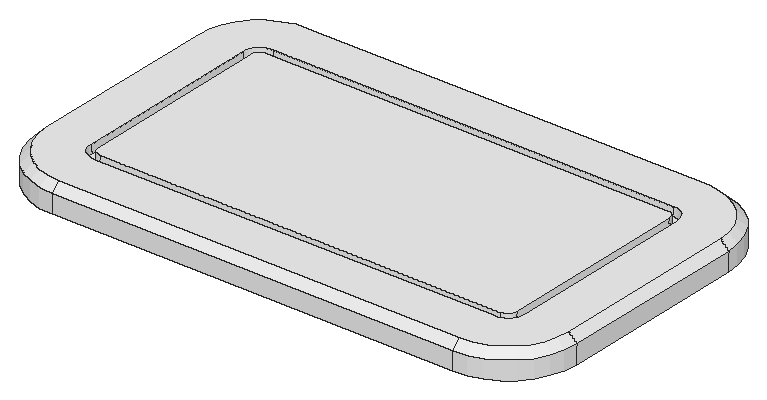
Revit family "ifö Sign Floorstanding WC 6860", category Generic Models, Revit 2015
Parameters (values of type "Ifö Sign Floorstanding WC 6860")
  ifcExportType = "TOILETPAN"
  ifcExportAs = "ifcSanitaryTerminalType"
  WithoutSeat = not(WithSeat)  # no
  WithSeat = yes
  Width = 355.00 mm
  WasteConnectionDiameter = 110.00 mm
  WarrantyStartDate = "n/a"
  WarrantyGuarantorParts = "n/a"
  WarrantyGuarantorLabor = "n/a"
  WarrantyDurationUnit = "n/a"
  WarrantyDurationParts = "n/a"
  WarrantyDurationLabor = "n/a"
  WarrantyDescription = "n/a"
  URL.se = "http://www.ifo.se/produkter/toaletter-bideer-urinoarer/"
  URL.no = "http://www.ifosanitar.no/produkter/toaletter-bideer-og-urinaler/"
  URL.dk = "http://www.ifo.dk/produkter/toiletter-bideter-og-urinaler/"
  URL = "n/a"
  Type Comments = "n/a"
  Type = "Building element"
  TagNumber = "n/a"
  SustainabilityPerformance = "n/a"
  Size = "355x860x650"
  Shape = "n/a"
  Serie = "Sign"
  SerialNumber = "n/a"
  Seatnotincluded(option) = yes
  ReplacementCost = "n/a"
  NominalWidth = 355.00 mm
  NominalHeight = 860.00 mm
  NominalDepth = 650.00 mm
  Name = "Ifö Sign floorstanding WC 6860"
  MountingHeight(offset) = 420.00 mm
  ModelReference = "Sign"
  ModelNumber = "6860"
  Model = "Ifö Sign WC 6860"
  Material = "Porcelain"
  Manufacturer = "Geberit"
  Keynote = "n/a"
  InstallationDate = "n/a"
  Height = 860.00 mm
  Grade = "n/a"
  FlushButtonMaterial = Ifö Chrome
  Finish = "Glazed"
  Features = "feature1, feature2, feature37"
  ExpectedLife = "n/a"
  DurationUnit = "n/a"
  DrainSize = 0.00 mm
  Description = "Ifö Sign floorstanding WC 6860"
  Depth = 650.00 mm
  Constituents = "n/a"
  ConnectorOut_OffsetFromWall = 300.00 mm
  ConnectorIn_OffsetFromWall = 100.00 mm
  ConnectorIn_HDistance = 125.00 mm
  Color = "White"
  ColdWaterConnectionHeight = 360.00 mm
  ColdWaterConnectionDiameter = 20.00 mm
  CodePerformance = "n/a"
  Category = "WC"
  CE labeling = "n/a"
  Brand = "Ifö"
  BarCode = "n/a"
  BIMObjectName = "ifö Sign Floorstanding WC 6860"
  AssetType = "n/a"
  AssetIdentifier = "n/a"
  AccessibilityPerformance = "n/a"
Reference planes
  plane 1 "Center (Front/Back)": y = 0
  plane 2: z = 0
  plane 3 "Center (Left/Right)": x = 0
  plane 4 "Out": z = 0
  plane 5 "In": z = 360
Forms (mm)
  Sweep 1, solid, material "Ifö Chrome" <- "FlushButtonMaterial"
    path origin (0, -208.727, 849.525) x (0, 1, 0) y (-1, 0, 0)
      loop
        arc (114.474, 30.4) -> (113.712, 32.238) -> (111.874, 33) r 2.6
        line (111.874, 33) -> (83.074, 33)
        arc (83.074, 33) -> (81.235, 32.238) -> (80.474, 30.4) r 2.6
        line (80.474, 30.4) -> (80.474, -30.4)
        arc (80.474, -30.4) -> (81.235, -32.238) -> (83.074, -33) r 2.6
        line (83.074, -33) -> (111.874, -33)
        arc (111.874, -33) -> (113.712, -32.238) -> (114.474, -30.4) r 2.6
        line (114.474, -30.4) -> (114.474, 30.4)
    profile origin (0, -94.253, 849.525) x (0, 1, 0) y (0, 0, 1)
      loop
        line (-2.195, 4) -> (-2.195, 0) -> (7.9, 0) -> (7.9, 2.749) -> (6.649, 4) -> (0, 4) -> (-0.1, 2.749) -> (-1.1, 2.749) -> (-1.2, 4) -> (-2.195, 4)
  Extrusion 2, solid, material "Ifö Chrome" <- "FlushButtonMaterial"
    sketch origin (0, -208.819, 849.525) x (0, 1, 0) y (-1, 0, 0)
      loop
        line (112.371, 30.805) -> (82.761, 30.805) -> (82.761, -30.805) -> (112.371, -30.805) -> (112.371, 30.805)
    from 0 to 4
Cuts and joins
  joined: Sweep 1, Extrusion 2
Lines and regions (mm)
  Masking region 1, visible <- "WithSeat"
    outline origin (0, -10.243, 0) x (1, 0, 0) y (0, 1, 0)
      loop
        arc (178.842, -247.232) -> (176.994, -245.908) -> (175.014, -244.79) r 21.199
        arc (175.014, -244.79) -> (173.845, -210.417) -> (171.203, -176.125) r 802.371
        arc (171.203, -176.125) -> (173.094, -169.722) -> (173.966, -163.102) r 42.766
        arc (173.966, -163.102) -> (174.16, -154.607) -> (173.842, -146.116) r 141.343
        arc (173.842, -146.116) -> (173.697, -131.097) -> (172.833, -116.102) r 312.978
        arc (172.833, -116.102) -> (172.102, -105.542) -> (170.398, -95.096) r 114.426
        arc (170.398, -95.096) -> (161.839, -70.766) -> (147.299, -49.463) r 99.235
        arc (147.299, -49.463) -> (129.09, -31.302) -> (107.466, -17.381) r 121.479
        arc (107.466, -17.381) -> (97.651, -12.895) -> (87.53, -9.151) r 145.128
        arc (87.53, -9.151) -> (84.644, -6.101) -> (81.263, -3.613) r 23.508
        arc (81.263, -3.613) -> (77.594, -1.645) -> (73.716, -0.129) r 34.77
        arc (73.716, -0.129) -> (69.785, 1.085) -> (65.798, 2.104) r 83.459
        arc (65.798, 2.104) -> (61.782, 2.993) -> (57.735, 3.73) r 108.58
        arc (57.735, 3.73) -> (49.546, 5.474) -> (41.328, 7.067) r 457.148
        arc (41.328, 7.067) -> (35.543, 7.899) -> (29.747, 8.647) r 405.685
        arc (29.747, 8.647) -> (23.95, 9.392) -> (18.126, 9.892) r 139.218
        arc (18.126, 9.892) -> (15.582, 10.082) -> (13.032, 10.172) r 65.8
        arc (13.032, 10.172) -> (6.516, 10.251) -> (0, 10.277) r 808.208
        arc (0, 10.277) -> (-6.516, 10.251) -> (-13.032, 10.172) r 808.208
        arc (-13.032, 10.172) -> (-15.582, 10.082) -> (-18.126, 9.892) r 65.8
        arc (-18.126, 9.892) -> (-23.95, 9.392) -> (-29.747, 8.647) r 139.218
        arc (-29.747, 8.647) -> (-35.543, 7.899) -> (-41.328, 7.067) r 405.685
        arc (-41.328, 7.067) -> (-49.546, 5.474) -> (-57.735, 3.73) r 457.148
        arc (-57.735, 3.73) -> (-61.782, 2.993) -> (-65.798, 2.104) r 108.58
        arc (-65.798, 2.104) -> (-69.785, 1.085) -> (-73.716, -0.129) r 83.459
        arc (-73.716, -0.129) -> (-77.594, -1.645) -> (-81.263, -3.613) r 34.77
        arc (-81.263, -3.613) -> (-84.644, -6.101) -> (-87.53, -9.151) r 23.508
        arc (-87.53, -9.151) -> (-97.651, -12.895) -> (-107.466, -17.381) r 145.128
        arc (-107.466, -17.381) -> (-129.09, -31.302) -> (-147.299, -49.463) r 121.479
        arc (-147.299, -49.463) -> (-161.839, -70.766) -> (-170.398, -95.096) r 99.235
        arc (-170.398, -95.096) -> (-172.102, -105.542) -> (-172.833, -116.102) r 114.426
        arc (-172.833, -116.102) -> (-173.697, -131.097) -> (-173.842, -146.116) r 312.978
        arc (-173.842, -146.116) -> (-174.16, -154.607) -> (-173.966, -163.102) r 141.343
        arc (-173.966, -163.102) -> (-173.091, -169.737) -> (-171.192, -176.154) r 42.766
        arc (-171.192, -176.154) -> (-173.831, -210.428) -> (-175, -244.783) r 802.371
        arc (-175, -244.783) -> (-176.987, -245.904) -> (-178.842, -247.232) r 21.199
        arc (-178.842, -247.232) -> (-180.77, -249.257) -> (-182.089, -251.723) r 10.404
        arc (-182.089, -251.723) -> (-183.631, -256.428) -> (-184.404, -261.318) r 30.941
        arc (-184.404, -261.318) -> (-184.839, -267.238) -> (-184.962, -273.173) r 112.767
        arc (-184.962, -273.173) -> (-185.193, -314.691) -> (-184.986, -356.209) r 3930.939
        arc (-184.986, -356.209) -> (-184.774, -379.935) -> (-184.166, -403.655) r 1422.024
        arc (-184.166, -403.655) -> (-183.357, -427.372) -> (-181.763, -451.048) r 715.256
        arc (-181.763, -451.048) -> (-176.654, -485.646) -> (-166.149, -519.004) r 220.877
        arc (-166.149, -519.004) -> (-154.602, -544.198) -> (-140.327, -567.953) r 248.927
        arc (-140.327, -567.953) -> (-123.548, -590.053) -> (-104.368, -610.104) r 243.855
        arc (-104.368, -610.104) -> (-66.67, -636.727) -> (-22.832, -651.156) r 156.026
        arc (-22.832, -651.156) -> (0, -653.097) -> (22.832, -651.156) r 135.311
        arc (22.832, -651.156) -> (66.67, -636.727) -> (104.368, -610.104) r 156.026
        arc (104.368, -610.104) -> (123.548, -590.053) -> (140.327, -567.953) r 243.855
        arc (140.327, -567.953) -> (154.602, -544.198) -> (166.149, -519.004) r 248.927
        arc (166.149, -519.004) -> (176.654, -485.646) -> (181.763, -451.048) r 220.877
        arc (181.763, -451.048) -> (183.357, -427.372) -> (184.166, -403.655) r 715.256
        arc (184.166, -403.655) -> (184.774, -379.935) -> (184.986, -356.209) r 1422.024
        arc (184.986, -356.209) -> (185.193, -314.691) -> (184.962, -273.173) r 3930.939
        arc (184.962, -273.173) -> (184.839, -267.238) -> (184.404, -261.318) r 112.767
        arc (184.404, -261.318) -> (183.631, -256.428) -> (182.089, -251.723) r 30.941
        arc (182.089, -251.723) -> (180.77, -249.257) -> (178.842, -247.232) r 10.404
  Masking region 2, visible <- "WithSeat"
    outline origin (0, 0, 0) x (0, 1, 0) y (0, 0, 1)
      loop
        arc (-23.518, 440.837) -> (-17.125, 440.646) -> (-10.755, 440.074) r 107.167
        arc (-10.755, 440.074) -> (-8.15, 439.45) -> (-5.759, 438.245) r 11.591
        arc (-5.759, 438.245) -> (-4.666, 437.162) -> (-4.075, 435.741) r 3.907
        arc (-4.075, 435.741) -> (-3.832, 433.388) -> (-4.025, 431.03) r 12.827
        arc (-4.025, 431.03) -> (-4.79, 427.127) -> (-5.707, 423.257) r 101.52
        arc (-5.707, 423.257) -> (-6.908, 418.186) -> (-7.905, 413.07) r 130.848
        arc (-7.905, 413.07) -> (-9.704, 404.23) -> (-11.994, 395.505) r 161.051
        arc (-11.994, 395.505) -> (-17.539, 377.367) -> (-23.518, 359.368) r 790.114
        arc (-23.518, 359.368) -> (-24.714, 355.963) -> (-25.707, 352.493) r 61.179
        arc (-25.707, 352.493) -> (-27.706, 340.006) -> (-29.439, 327.48) r 593.459
        arc (-29.439, 327.48) -> (-29.447, 326.279) -> (-29.463, 325.077) r 194.636
        line (-29.463, 325.077) -> (-28.992, 314.684)
        arc (-28.992, 314.684) -> (-27.448, 303.656) -> (-25.636, 292.668) r 457.72
        arc (-25.636, 292.668) -> (-20.526, 256.275) -> (-16.009, 219.804) r 2262.835
        arc (-16.009, 219.804) -> (-12.037, 183.297) -> (-8.56, 146.739) r 2715.435
        arc (-8.56, 146.739) -> (-6.039, 116) -> (-3.903, 85.233) r 2465.903
        arc (-3.903, 85.233) -> (-2.054, 63.972) -> (-0.787, 42.67) r 781.446
        arc (-0.787, 42.67) -> (-0.275, 32.013) -> (0.034, 21.349) r 561.115
        arc (0.034, 21.349) -> (0.07, 10.674) -> (0.034, 0) r 1583.555
        line (0.034, 0) -> (-510.929, 0)
        arc (-510.929, 0) -> (-509.114, 37.384) -> (-502.543, 74.23) r 292.635
        arc (-502.543, 74.23) -> (-496.68, 97.784) -> (-491.107, 121.408) r 1969.689
        arc (-491.107, 121.408) -> (-490.689, 128.239) -> (-490.297, 135.072) r 1760.876
        line (-490.297, 135.072) -> (-491.188, 143.163)
        arc (-491.188, 143.163) -> (-491.977, 145.448) -> (-492.924, 147.673) r 34.652
        arc (-492.924, 147.673) -> (-495.493, 151.737) -> (-498.165, 155.734) r 188.677
        arc (-498.165, 155.734) -> (-528.781, 191.322) -> (-559.023, 227.228) r 4482.469
        arc (-559.023, 227.228) -> (-570.414, 241.357) -> (-581.341, 255.847) r 560.391
        arc (-581.341, 255.847) -> (-590.562, 268.53) -> (-599.532, 281.391) r 800.333
        arc (-599.532, 281.391) -> (-608.055, 294.554) -> (-616.187, 307.963) r 532.266
        arc (-616.187, 307.963) -> (-623.883, 321.63) -> (-631.094, 335.559) r 445.937
        arc (-631.094, 335.559) -> (-638.87, 352.146) -> (-645.921, 369.055) r 422.626
        arc (-645.921, 369.055) -> (-649.04, 377.704) -> (-651.918, 386.438) r 329.794
        arc (-651.918, 386.438) -> (-655.434, 398.729) -> (-658.627, 411.109) r 487.927
        arc (-658.627, 411.109) -> (-658.888, 412.446) -> (-659.057, 413.798) r 19.942
        arc (-659.057, 413.798) -> (-659.122, 415.053) -> (-658.956, 416.299) r 6.828
        arc (-658.956, 416.299) -> (-658.44, 417.379) -> (-657.403, 417.977) r 2.018
        arc (-657.403, 417.977) -> (-656.503, 418.134) -> (-655.593, 418.201) r 9.266
        arc (-655.593, 418.201) -> (-635.63, 418.527) -> (-615.664, 418.528) r 1229.689
        line (-615.664, 418.528) -> (-616.603, 419.068)
        arc (-616.603, 419.068) -> (-637.613, 418.813) -> (-658.624, 418.889) r 1330.297
        arc (-658.624, 418.889) -> (-658.933, 420.439) -> (-658.811, 422.015) r 5.792
        arc (-658.811, 422.015) -> (-657.829, 423.714) -> (-656.227, 424.848) r 4.6
        arc (-656.227, 424.848) -> (-653.386, 425.752) -> (-650.426, 426.114) r 16.013
        arc (-650.426, 426.114) -> (-621.995, 426.608) -> (-593.559, 426.478) r 1295.149
        arc (-593.559, 426.478) -> (-515.304, 425.916) -> (-437.05, 426.663) r 4675.426
        arc (-437.05, 426.663) -> (-405.222, 428.096) -> (-373.4, 429.671) r 7142.016
        arc (-373.4, 429.671) -> (-341.649, 432.741) -> (-309.914, 435.974) r 6200.115
        arc (-309.914, 435.974) -> (-308.379, 436.326) -> (-306.866, 436.766) r 27.549
        arc (-306.866, 436.766) -> (-385.368, 435.787) -> (-463.868, 434.676) r 46923.892
        arc (-463.868, 434.676) -> (-563.154, 433.808) -> (-662.428, 432.028) r 10814.451
        arc (-662.428, 432.028) -> (-662.971, 432.904) -> (-663.287, 433.884) r 4.239
        arc (-663.287, 433.884) -> (-663.037, 436.061) -> (-661.586, 437.703) r 3.653
        arc (-661.586, 437.703) -> (-657.119, 439.798) -> (-652.317, 440.926) r 23.775
        arc (-652.317, 440.926) -> (-640.628, 442.482) -> (-628.883, 443.536) r 275.712
        arc (-628.883, 443.536) -> (-538.444, 451.721) -> (-447.963, 459.433) r 17404.825
        arc (-447.963, 459.433) -> (-408.561, 462.45) -> (-369.126, 464.994) r 3293.496
        arc (-369.126, 464.994) -> (-329.7, 467.666) -> (-290.269, 470.264) r 21344.062
        arc (-290.269, 470.264) -> (-271.242, 471.408) -> (-252.181, 471.567) r 368.558
        arc (-252.181, 471.567) -> (-248.658, 471.153) -> (-245.287, 470.051) r 17.864
        arc (-245.287, 470.051) -> (-243.241, 467.999) -> (-243.124, 465.104) r 3.988
        arc (-243.124, 465.104) -> (-246.057, 457.028) -> (-249.263, 449.057) r 252.839
        arc (-249.263, 449.057) -> (-248.366, 448.985) -> (-247.477, 448.85) r 12.7
        arc (-247.477, 448.85) -> (-245.557, 448.855) -> (-243.65, 448.635) r 16.392
        arc (-243.65, 448.635) -> (-241.767, 448.216) -> (-240.031, 447.375) r 8.334
        arc (-240.031, 447.375) -> (-239.405, 446.907) -> (-238.902, 446.309) r 3.423
        arc (-238.902, 446.309) -> (-238.633, 445.867) -> (-238.399, 445.406) r 6.771
        arc (-238.399, 445.406) -> (-238.07, 444.399) -> (-237.983, 443.343) r 4.546
        line (-237.983, 443.343) -> (-238.059, 441.15)
        arc (-238.059, 441.15) -> (-237.19, 437.653) -> (-237.338, 434.052) r 12.7
        arc (-237.338, 434.052) -> (-235.552, 430.963) -> (-233.706, 427.909) r 183.631
        arc (-233.706, 427.909) -> (-231.491, 424.728) -> (-228.94, 421.81) r 35.335
        arc (-228.94, 421.81) -> (-228.072, 421.054) -> (-227.177, 420.331) r 31.758
        arc (-227.177, 420.331) -> (-224.396, 421.014) -> (-221.722, 422.036) r 22.975
        arc (-221.722, 422.036) -> (-217.269, 424.06) -> (-213.025, 426.49) r 52.413
        arc (-213.025, 426.49) -> (-212.648, 426.762) -> (-212.277, 427.044) r 18.932
        arc (-212.277, 427.044) -> (-205.862, 431.652) -> (-199.105, 435.743) r 100.684
        arc (-199.105, 435.743) -> (-194.615, 438.386) -> (-189.669, 440.021) r 24.542
        arc (-189.669, 440.021) -> (-184.521, 440.633) -> (-179.34, 440.837) r 65.8
      loop
        line (-255.038, 419.502) -> (-258.024, 426.341)
        arc (-258.024, 426.341) -> (-261.731, 431.188) -> (-262.711, 437.211) r 12.541
        arc (-262.711, 437.211) -> (-264.379, 437.065) -> (-266.052, 436.977) r 48.458
        arc (-266.052, 436.977) -> (-267.495, 436.394) -> (-268.874, 435.67) r 15.601
        arc (-268.874, 435.67) -> (-270.186, 434.716) -> (-271.287, 433.525) r 8.248
        arc (-271.287, 433.525) -> (-272.049, 432.271) -> (-272.648, 430.932) r 11.681
        arc (-272.648, 430.932) -> (-275.067, 427.664) -> (-278.641, 425.722) r 9.403
        arc (-278.641, 425.722) -> (-281.943, 424.871) -> (-285.285, 424.201) r 62.59
        arc (-285.285, 424.201) -> (-291.831, 423.603) -> (-298.399, 423.341) r 128.666
        line (-298.399, 423.341) -> (-300.276, 419.811)
        arc (-300.276, 419.811) -> (-277.658, 419.593) -> (-255.038, 419.502) r 4048.824
      loop
        line (-179.34, 440.896) -> (-193.972, 440.896)
        arc (-193.972, 440.896) -> (-195.311, 440.903) -> (-196.65, 440.924) r 126.663
        arc (-196.65, 440.924) -> (-197.74, 440.979) -> (-198.825, 441.096) r 18.879
        arc (-198.825, 441.096) -> (-199.565, 441.224) -> (-200.301, 441.377) r 21.951
        arc (-200.301, 441.377) -> (-201.492, 441.775) -> (-202.579, 442.402) r 6.273
        arc (-202.579, 442.402) -> (-203.348, 443.188) -> (-203.803, 444.19) r 3.182
        arc (-203.803, 444.19) -> (-204.006, 445.34) -> (-204.026, 446.508) r 7.452
        arc (-204.026, 446.508) -> (-203.847, 490.211) -> (-203.075, 533.907) r 3217.91
        arc (-203.075, 533.907) -> (-201.816, 577.594) -> (-199.511, 621.239) r 1822.565
        arc (-199.511, 621.239) -> (-197.75, 647.124) -> (-195.22, 672.946) r 872.08
        arc (-195.22, 672.946) -> (-192.045, 699.026) -> (-188.426, 725.049) r 1535.424
        arc (-188.426, 725.049) -> (-186.321, 742.14) -> (-183.877, 759.186) r 869.339
        arc (-183.877, 759.186) -> (-181.211, 778.475) -> (-177.934, 797.67) r 614.786
        arc (-177.934, 797.67) -> (-176.561, 804.614) -> (-175.027, 811.525) r 305.156
        arc (-175.027, 811.525) -> (-173.526, 817.406) -> (-171.799, 823.225) r 156.515
        arc (-171.799, 823.225) -> (-170.876, 826.075) -> (-169.924, 828.916) r 293.394
        arc (-169.924, 828.916) -> (-169.258, 830.815) -> (-168.556, 832.702) r 110.054
        arc (-168.556, 832.702) -> (-167.782, 834.624) -> (-166.939, 836.516) r 57.323
        arc (-166.939, 836.516) -> (-166.569, 837.277) -> (-166.175, 838.026) r 27.457
        arc (-166.175, 838.026) -> (-165.868, 838.569) -> (-165.543, 839.101) r 18.782
        arc (-165.543, 839.101) -> (-164.901, 840.029) -> (-164.189, 840.904) r 14.392
        arc (-164.189, 840.904) -> (-162.542, 842.439) -> (-160.654, 843.666) r 12.998
        arc (-160.654, 843.666) -> (-158.635, 844.661) -> (-156.512, 845.409) r 18.857
        arc (-156.512, 845.409) -> (-153.431, 846.329) -> (-150.295, 847.035) r 46.78
        arc (-150.295, 847.035) -> (-146.399, 847.877) -> (-142.48, 848.604) r 136.625
        arc (-142.48, 848.604) -> (-139.322, 849.103) -> (-136.153, 849.525) r 131.033
        line (-136.153, 849.525) -> (-136.153, 852.275) -> (-134.902, 853.525) -> (-87.403, 853.525) -> (-86.153, 852.275) -> (-86.153, 850.663)
        arc (-86.153, 850.663) -> (-65.165, 850.607) -> (-44.179, 850.372) r 2472.287
        arc (-44.179, 850.372) -> (-40.335, 850.357) -> (-36.492, 850.241) r 147.338
        arc (-36.492, 850.241) -> (-32.278, 849.664) -> (-28.243, 848.316) r 22.871
        arc (-28.243, 848.316) -> (-26.783, 847.512) -> (-25.671, 846.271) r 4.963
        arc (-25.671, 846.271) -> (-24.491, 843.909) -> (-23.796, 841.362) r 13.425
        arc (-23.796, 841.362) -> (-22.795, 835.995) -> (-21.973, 830.598) r 163.433
        arc (-21.973, 830.598) -> (-19.967, 814.064) -> (-18.413, 797.483) r 609.402
        arc (-18.413, 797.483) -> (-15.256, 753.692) -> (-12.781, 709.857) r 2820.417
        arc (-12.781, 709.857) -> (-10.989, 665.989) -> (-9.879, 622.098) r 2820.417
        arc (-9.879, 622.098) -> (-8.525, 534.307) -> (-9.113, 446.508) r 3968.356
        arc (-9.113, 446.508) -> (-9.081, 445.678) -> (-9.142, 444.85) r 7.325
        arc (-9.142, 444.85) -> (-9.375, 443.967) -> (-9.822, 443.17) r 3.621
        arc (-9.822, 443.17) -> (-10.587, 442.384) -> (-11.535, 441.832) r 4.07
        arc (-11.535, 441.832) -> (-12.679, 441.435) -> (-13.862, 441.176) r 10.246
        arc (-13.862, 441.176) -> (-15.84, 440.951) -> (-17.831, 440.897) r 23.121
        line (-17.831, 440.897) -> (-23.518, 440.897)
      loop
        arc (-147.435, 306.811) -> (-133.529, 334.54) -> (-124.27, 364.147) r 191.971
        arc (-124.27, 364.147) -> (-128.191, 364.906) -> (-132.048, 365.939) r 57.007
        arc (-132.048, 365.939) -> (-134.818, 367.289) -> (-137.035, 369.43) r 9.843
        arc (-137.035, 369.43) -> (-141.076, 372.646) -> (-146.17, 373.498) r 10.309
        line (-146.17, 373.498) -> (-262.268, 373.498)
        arc (-262.268, 373.498) -> (-270.26, 351.854) -> (-278.124, 330.162) r 3881.557
        arc (-278.124, 330.162) -> (-303.16, 254.151) -> (-324.113, 176.914) r 1502.241
        arc (-324.113, 176.914) -> (-327.105, 151.914) -> (-324.113, 126.914) r 105.925
        arc (-324.113, 126.914) -> (-315.714, 112.839) -> (-300.837, 105.957) r 27.755
        arc (-300.837, 105.957) -> (-289.789, 106.961) -> (-281.65, 114.5) r 17.206
        arc (-281.65, 114.5) -> (-263.449, 131.752) -> (-248.193, 151.657) r 158.723
        arc (-248.193, 151.657) -> (-193.384, 226.357) -> (-147.435, 306.811) r 812.513
  Masking region 3, visible <- "WithSeat"
    outline origin (-284, -215, 1) x (0, 0, -1) y (1, 0, 0)
      loop
        arc (-415.596, 459.089) -> (-417.097, 457.994) -> (-418.011, 456.376) r 4.391
        line (-418.011, 456.376) -> (-419.645, 455.999)
        arc (-419.645, 455.999) -> (-419.731, 457.185) -> (-419.82, 458.372) r 457.021
        arc (-419.82, 458.372) -> (-420.083, 461.06) -> (-420.463, 463.733) r 62.504
        arc (-420.463, 463.733) -> (-421.025, 465.443) -> (-422.083, 466.9) r 5.824
        arc (-422.083, 466.9) -> (-423.674, 466.512) -> (-425.204, 465.928) r 13.077
        arc (-425.204, 465.928) -> (-427.567, 464.429) -> (-429.433, 462.342) r 10.17
        arc (-429.433, 462.342) -> (-430.308, 460.971) -> (-431.119, 459.561) r 34.967
        arc (-431.119, 459.561) -> (-432.392, 456.737) -> (-433.232, 453.756) r 20.764
        arc (-433.232, 453.756) -> (-433.332, 457.682) -> (-433.434, 461.608) r 6759.767
        arc (-433.434, 461.608) -> (-433.601, 464.509) -> (-433.949, 467.394) r 46.638
        arc (-433.949, 467.394) -> (-434.44, 468.469) -> (-435.425, 469.123) r 2.154
        arc (-435.425, 469.123) -> (-437.631, 469.296) -> (-439.772, 468.736) r 6.65
        arc (-439.772, 468.736) -> (-443.523, 466.195) -> (-446.195, 462.535) r 13.207
        arc (-446.195, 462.535) -> (-447.124, 460.548) -> (-447.97, 458.524) r 52.969
        arc (-447.97, 458.524) -> (-510.361, 456.597) -> (-572.697, 453.341) r 2932.09
        arc (-572.697, 453.341) -> (-633.323, 449.596) -> (-693.749, 443.399) r 1500.342
        arc (-693.749, 443.399) -> (-725.511, 440.49) -> (-757.134, 436.334) r 811.006
        arc (-757.134, 436.334) -> (-772.993, 434.473) -> (-788.743, 431.844) r 329.084
        arc (-788.743, 431.844) -> (-798.335, 430.044) -> (-807.823, 427.758) r 191.846
        arc (-807.823, 427.758) -> (-817.219, 425.107) -> (-826.389, 421.756) r 129.777
        arc (-826.389, 421.756) -> (-831.327, 418.57) -> (-834.542, 413.652) r 14.132
        arc (-834.542, 413.652) -> (-836.094, 410.048) -> (-837.435, 406.361) r 67.806
        arc (-837.435, 406.361) -> (-840.331, 397.596) -> (-842.668, 388.665) r 146.097
        arc (-842.668, 388.665) -> (-844.576, 379.637) -> (-846.192, 370.552) r 286.28
        arc (-846.192, 370.552) -> (-848.399, 352.238) -> (-849.136, 333.806) r 230.792
        arc (-849.136, 333.806) -> (-849.294, 329.403) -> (-849.438, 325) r 1325.489
        line (-849.438, 325) -> (-851.275, 325) -> (-852.525, 323.749) -> (-852.525, 244.251) -> (-851.275, 243) -> (-849.438, 243)
        arc (-849.438, 243) -> (-849.294, 238.597) -> (-849.136, 234.194) r 1325.489
        arc (-849.136, 234.194) -> (-848.399, 215.762) -> (-846.192, 197.448) r 230.792
        arc (-846.192, 197.448) -> (-844.576, 188.363) -> (-842.668, 179.335) r 286.28
        arc (-842.668, 179.335) -> (-840.331, 170.404) -> (-837.435, 161.639) r 146.097
        arc (-837.435, 161.639) -> (-836.094, 157.952) -> (-834.542, 154.348) r 67.806
        arc (-834.542, 154.348) -> (-831.327, 149.43) -> (-826.389, 146.244) r 14.132
        arc (-826.389, 146.244) -> (-817.219, 142.893) -> (-807.823, 140.242) r 129.777
        arc (-807.823, 140.242) -> (-798.335, 137.956) -> (-788.743, 136.156) r 191.846
        arc (-788.743, 136.156) -> (-772.993, 133.527) -> (-757.134, 131.666) r 329.084
        arc (-757.134, 131.666) -> (-725.511, 127.51) -> (-693.749, 124.601) r 811.006
        arc (-693.749, 124.601) -> (-633.323, 118.404) -> (-572.697, 114.659) r 1500.342
        arc (-572.697, 114.659) -> (-510.361, 111.403) -> (-447.97, 109.476) r 2932.09
        arc (-447.97, 109.476) -> (-447.124, 107.452) -> (-446.195, 105.465) r 52.969
        arc (-446.195, 105.465) -> (-443.523, 101.805) -> (-439.772, 99.264) r 13.207
        arc (-439.772, 99.264) -> (-437.631, 98.704) -> (-435.425, 98.877) r 6.65
        arc (-435.425, 98.877) -> (-434.44, 99.531) -> (-433.949, 100.606) r 2.154
        arc (-433.949, 100.606) -> (-433.601, 103.491) -> (-433.434, 106.392) r 46.638
        arc (-433.434, 106.392) -> (-433.332, 110.318) -> (-433.232, 114.244) r 6759.767
        arc (-433.232, 114.244) -> (-432.392, 111.263) -> (-431.119, 108.439) r 20.764
        arc (-431.119, 108.439) -> (-430.308, 107.029) -> (-429.433, 105.658) r 34.967
        arc (-429.433, 105.658) -> (-427.567, 103.571) -> (-425.204, 102.072) r 10.17
        arc (-425.204, 102.072) -> (-423.674, 101.488) -> (-422.083, 101.1) r 13.077
        arc (-422.083, 101.1) -> (-421.025, 102.557) -> (-420.463, 104.267) r 5.824
        arc (-420.463, 104.267) -> (-420.083, 106.94) -> (-419.82, 109.628) r 62.504
        arc (-419.82, 109.628) -> (-419.731, 110.815) -> (-419.645, 112.001) r 457.021
        line (-419.645, 112.001) -> (-418.011, 111.624)
        arc (-418.011, 111.624) -> (-417.097, 110.006) -> (-415.596, 108.911) r 4.391
        arc (-415.596, 108.911) -> (-413.968, 108.225) -> (-412.212, 108.024) r 6.23
        arc (-412.212, 108.024) -> (-409.564, 107.956) -> (-406.921, 108.122) r 30.09
        arc (-406.921, 108.122) -> (-404.387, 108.334) -> (-401.866, 108.658) r 57.801
        arc (-401.866, 108.658) -> (-396.766, 109.337) -> (-391.704, 110.256) r 108.842
        arc (-391.704, 110.256) -> (-381.647, 112.501) -> (-371.76, 115.401) r 157.052
        line (-371.76, 115.401) -> (-371.598, 118.495)
        arc (-371.598, 118.495) -> (-358.863, 121.35) -> (-346.252, 124.712) r 325.943
        arc (-346.252, 124.712) -> (-333.786, 128.574) -> (-321.483, 132.93) r 327.788
        arc (-321.483, 132.93) -> (-309.258, 137.628) -> (-297.184, 142.702) r 423.954
        arc (-297.184, 142.702) -> (-285.254, 148.102) -> (-273.454, 153.783) r 554.065
        arc (-273.454, 153.783) -> (-250.258, 165.705) -> (-227.412, 178.284) r 914.629
        arc (-227.412, 178.284) -> (-204.851, 191.08) -> (-182.519, 204.273) r 1468.365
        arc (-182.519, 204.273) -> (-148.666, 195.797) -> (-114.719, 187.71) r 3046.718
        arc (-114.719, 187.71) -> (-97.75, 183.649) -> (-80.736, 179.786) r 1499.724
        arc (-80.736, 179.786) -> (-63.736, 175.824) -> (-46.586, 172.576) r 417.869
        arc (-46.586, 172.576) -> (-34.724, 170.875) -> (-22.837, 169.357) r 778.089
        arc (-22.837, 169.357) -> (-16.893, 168.548) -> (-10.946, 167.764) r 1497.355
        arc (-10.946, 167.764) -> (-7.962, 167.499) -> (-4.983, 167.188) r 195.958
        arc (-4.983, 167.188) -> (-1.995, 166.945) -> (1, 166.836) r 66.996
        line (1, 166.836) -> (1, 401.164)
        arc (1, 401.164) -> (-1.995, 401.055) -> (-4.983, 400.812) r 66.996
        arc (-4.983, 400.812) -> (-7.962, 400.501) -> (-10.946, 400.236) r 195.958
        arc (-10.946, 400.236) -> (-16.893, 399.452) -> (-22.837, 398.643) r 1497.355
        arc (-22.837, 398.643) -> (-34.724, 397.125) -> (-46.586, 395.424) r 778.089
        arc (-46.586, 395.424) -> (-63.736, 392.176) -> (-80.736, 388.214) r 417.869
        arc (-80.736, 388.214) -> (-97.75, 384.351) -> (-114.719, 380.29) r 1499.724
        arc (-114.719, 380.29) -> (-148.666, 372.203) -> (-182.519, 363.727) r 3046.718
        arc (-182.519, 363.727) -> (-204.851, 376.92) -> (-227.412, 389.716) r 1468.365
        arc (-227.412, 389.716) -> (-250.258, 402.295) -> (-273.454, 414.217) r 914.629
        arc (-273.454, 414.217) -> (-285.254, 419.898) -> (-297.184, 425.298) r 554.065
        arc (-297.184, 425.298) -> (-309.258, 430.372) -> (-321.483, 435.07) r 423.954
        arc (-321.483, 435.07) -> (-333.786, 439.426) -> (-346.252, 443.288) r 327.788
        arc (-346.252, 443.288) -> (-358.863, 446.65) -> (-371.598, 449.505) r 325.943
        line (-371.598, 449.505) -> (-371.76, 452.599)
        arc (-371.76, 452.599) -> (-381.647, 455.499) -> (-391.704, 457.744) r 157.052
        arc (-391.704, 457.744) -> (-396.766, 458.663) -> (-401.866, 459.342) r 108.842
        arc (-401.866, 459.342) -> (-404.387, 459.666) -> (-406.921, 459.878) r 57.801
        arc (-406.921, 459.878) -> (-409.564, 460.044) -> (-412.212, 459.976) r 30.09
        arc (-412.212, 459.976) -> (-413.968, 459.775) -> (-415.596, 459.089) r 6.23
  Masking region 4, visible <- "WithoutSeat"
    outline origin (0, -10.243, 0) x (1, 0, 0) y (0, 1, 0)
      loop
        arc (22.832, -646.921) -> (28.52, -645.838) -> (34.164, -644.546) r 156.026
        arc (34.164, -644.546) -> (48.656, -640.059) -> (62.549, -633.967) r 134.386
        arc (62.549, -633.967) -> (76.354, -625.894) -> (89.102, -616.237) r 134.386
        arc (89.102, -616.237) -> (106.499, -598.924) -> (121.108, -579.201) r 163.437
        arc (121.108, -579.201) -> (132.817, -558.072) -> (142.076, -535.76) r 214.539
        arc (142.076, -535.76) -> (148.159, -517.087) -> (153.409, -498.162) r 443.698
        arc (153.409, -498.162) -> (159.316, -473.366) -> (164.495, -448.407) r 871.018
        arc (164.495, -448.407) -> (166.984, -434.637) -> (169.164, -420.815) r 626.003
        arc (169.164, -420.815) -> (170.563, -410.307) -> (171.69, -399.766) r 410.323
        arc (171.69, -399.766) -> (172.859, -385.928) -> (173.77, -372.07) r 745.691
        arc (173.77, -372.07) -> (174.933, -348.802) -> (175.797, -325.52) r 1816.525
        arc (175.797, -325.52) -> (176.187, -301.96) -> (175.911, -278.398) r 832.955
        arc (175.911, -278.398) -> (175.699, -264.925) -> (175.286, -251.457) r 902.108
        arc (175.286, -251.457) -> (175.072, -245.096) -> (174.915, -238.733) r 707.657
        arc (174.915, -238.733) -> (173.671, -207.393) -> (171.203, -176.125) r 802.371
        arc (171.203, -176.125) -> (173.094, -169.722) -> (173.966, -163.102) r 42.766
        arc (173.966, -163.102) -> (174.16, -154.607) -> (173.842, -146.116) r 141.343
        arc (173.842, -146.116) -> (173.697, -131.097) -> (172.833, -116.102) r 312.978
        arc (172.833, -116.102) -> (172.102, -105.542) -> (170.398, -95.096) r 114.426
        arc (170.398, -95.096) -> (161.839, -70.766) -> (147.299, -49.463) r 99.235
        arc (147.299, -49.463) -> (129.09, -31.302) -> (107.466, -17.381) r 121.479
        arc (107.466, -17.381) -> (97.651, -12.895) -> (87.53, -9.151) r 145.128
        arc (87.53, -9.151) -> (84.644, -6.101) -> (81.263, -3.613) r 23.508
        arc (81.263, -3.613) -> (77.594, -1.645) -> (73.716, -0.129) r 34.77
        arc (73.716, -0.129) -> (69.785, 1.085) -> (65.798, 2.104) r 83.459
        arc (65.798, 2.104) -> (61.782, 2.993) -> (57.735, 3.73) r 108.58
        arc (57.735, 3.73) -> (49.546, 5.474) -> (41.328, 7.067) r 457.148
        arc (41.328, 7.067) -> (35.543, 7.899) -> (29.747, 8.647) r 405.685
        arc (29.747, 8.647) -> (23.95, 9.392) -> (18.126, 9.892) r 139.218
        arc (18.126, 9.892) -> (15.582, 10.082) -> (13.032, 10.172) r 65.8
        arc (13.032, 10.172) -> (0, 10.277) -> (-13.032, 10.172) r 808.208
        arc (-13.032, 10.172) -> (-15.582, 10.082) -> (-18.126, 9.892) r 65.8
        arc (-18.126, 9.892) -> (-23.95, 9.392) -> (-29.747, 8.647) r 139.218
        arc (-29.747, 8.647) -> (-35.543, 7.899) -> (-41.328, 7.067) r 405.685
        arc (-41.328, 7.067) -> (-49.546, 5.474) -> (-57.735, 3.73) r 457.148
        arc (-57.735, 3.73) -> (-61.782, 2.993) -> (-65.798, 2.104) r 108.58
        arc (-65.798, 2.104) -> (-69.785, 1.085) -> (-73.716, -0.129) r 83.459
        arc (-73.716, -0.129) -> (-77.594, -1.645) -> (-81.263, -3.613) r 34.77
        arc (-81.263, -3.613) -> (-84.644, -6.101) -> (-87.53, -9.151) r 23.508
        arc (-87.53, -9.151) -> (-97.651, -12.895) -> (-107.466, -17.381) r 145.128
        arc (-107.466, -17.381) -> (-129.09, -31.302) -> (-147.299, -49.463) r 121.479
        arc (-147.299, -49.463) -> (-161.839, -70.766) -> (-170.398, -95.096) r 99.235
        arc (-170.398, -95.096) -> (-172.102, -105.542) -> (-172.833, -116.102) r 114.426
        arc (-172.833, -116.102) -> (-173.697, -131.097) -> (-173.842, -146.116) r 312.978
        arc (-173.842, -146.116) -> (-174.16, -154.607) -> (-173.966, -163.102) r 141.343
        arc (-173.966, -163.102) -> (-173.094, -169.722) -> (-171.203, -176.125) r 42.766
        arc (-171.203, -176.125) -> (-173.671, -207.393) -> (-174.915, -238.733) r 802.371
        arc (-174.915, -238.733) -> (-175.072, -245.096) -> (-175.286, -251.457) r 707.657
        arc (-175.286, -251.457) -> (-175.699, -264.925) -> (-175.911, -278.398) r 902.108
        arc (-175.911, -278.398) -> (-176.187, -301.96) -> (-175.797, -325.52) r 832.955
        arc (-175.797, -325.52) -> (-174.933, -348.802) -> (-173.77, -372.07) r 1816.525
        arc (-173.77, -372.07) -> (-172.859, -385.928) -> (-171.69, -399.766) r 745.691
        arc (-171.69, -399.766) -> (-170.563, -410.307) -> (-169.164, -420.815) r 410.323
        arc (-169.164, -420.815) -> (-166.984, -434.637) -> (-164.495, -448.407) r 626.003
        arc (-164.495, -448.407) -> (-159.316, -473.366) -> (-153.409, -498.162) r 871.018
        arc (-153.409, -498.162) -> (-148.159, -517.087) -> (-142.076, -535.76) r 443.698
        arc (-142.076, -535.76) -> (-132.817, -558.072) -> (-121.108, -579.201) r 214.539
        arc (-121.108, -579.201) -> (-106.499, -598.924) -> (-89.102, -616.237) r 163.437
        arc (-89.102, -616.237) -> (-76.354, -625.894) -> (-62.549, -633.967) r 134.386
        arc (-62.549, -633.967) -> (-48.656, -640.059) -> (-34.164, -644.546) r 134.386
        arc (-34.164, -644.546) -> (-28.52, -645.838) -> (-22.832, -646.921) r 156.026
        arc (-22.832, -646.921) -> (0, -648.861) -> (22.832, -646.921) r 135.311
  Masking region 5, visible <- "WithoutSeat"
    outline origin (0, 0, 0) x (0, 1, 0) y (0, 0, 1)
      loop
        arc (-23.518, 440.837) -> (-17.125, 440.646) -> (-10.755, 440.074) r 107.167
        arc (-10.755, 440.074) -> (-8.15, 439.45) -> (-5.759, 438.245) r 11.591
        arc (-5.759, 438.245) -> (-4.666, 437.162) -> (-4.075, 435.741) r 3.907
        arc (-4.075, 435.741) -> (-3.832, 433.388) -> (-4.025, 431.03) r 12.827
        arc (-4.025, 431.03) -> (-4.79, 427.127) -> (-5.707, 423.257) r 101.52
        arc (-5.707, 423.257) -> (-6.908, 418.186) -> (-7.905, 413.07) r 130.848
        arc (-7.905, 413.07) -> (-9.704, 404.23) -> (-11.994, 395.505) r 161.051
        arc (-11.994, 395.505) -> (-17.539, 377.367) -> (-23.518, 359.368) r 790.114
        arc (-23.518, 359.368) -> (-24.714, 355.963) -> (-25.707, 352.493) r 61.179
        arc (-25.707, 352.493) -> (-27.706, 340.006) -> (-29.439, 327.48) r 593.459
        arc (-29.439, 327.48) -> (-29.447, 326.279) -> (-29.463, 325.077) r 194.636
        line (-29.463, 325.077) -> (-28.992, 314.684)
        arc (-28.992, 314.684) -> (-27.448, 303.656) -> (-25.636, 292.668) r 457.72
        arc (-25.636, 292.668) -> (-20.526, 256.275) -> (-16.009, 219.804) r 2262.835
        arc (-16.009, 219.804) -> (-12.037, 183.297) -> (-8.56, 146.739) r 2715.435
        arc (-8.56, 146.739) -> (-6.039, 116) -> (-3.903, 85.233) r 2465.903
        arc (-3.903, 85.233) -> (-2.054, 63.972) -> (-0.787, 42.67) r 781.446
        arc (-0.787, 42.67) -> (-0.275, 32.013) -> (0.034, 21.349) r 561.115
        arc (0.034, 21.349) -> (0.07, 10.674) -> (0.034, 0) r 1583.555
        line (0.034, 0) -> (-510.929, 0)
        arc (-510.929, 0) -> (-509.114, 37.384) -> (-502.543, 74.23) r 292.635
        arc (-502.543, 74.23) -> (-496.68, 97.784) -> (-491.107, 121.408) r 1969.689
        arc (-491.107, 121.408) -> (-490.689, 128.239) -> (-490.297, 135.072) r 1760.876
        line (-490.297, 135.072) -> (-491.188, 143.163)
        arc (-491.188, 143.163) -> (-491.977, 145.448) -> (-492.924, 147.673) r 34.652
        arc (-492.924, 147.673) -> (-495.493, 151.737) -> (-498.165, 155.734) r 188.677
        arc (-498.165, 155.734) -> (-528.781, 191.322) -> (-559.023, 227.228) r 4482.469
        arc (-559.023, 227.228) -> (-570.414, 241.357) -> (-581.341, 255.847) r 560.391
        arc (-581.341, 255.847) -> (-590.562, 268.53) -> (-599.532, 281.391) r 800.333
        arc (-599.532, 281.391) -> (-608.055, 294.554) -> (-616.187, 307.963) r 532.266
        arc (-616.187, 307.963) -> (-623.883, 321.63) -> (-631.094, 335.559) r 445.937
        arc (-631.094, 335.559) -> (-638.87, 352.146) -> (-645.921, 369.055) r 422.626
        arc (-645.921, 369.055) -> (-649.04, 377.704) -> (-651.918, 386.438) r 329.794
        arc (-651.918, 386.438) -> (-655.434, 398.729) -> (-658.627, 411.109) r 487.927
        arc (-658.627, 411.109) -> (-658.888, 412.446) -> (-659.057, 413.798) r 19.942
        arc (-659.057, 413.798) -> (-659.122, 415.053) -> (-658.956, 416.299) r 6.828
        arc (-658.956, 416.299) -> (-658.44, 417.379) -> (-657.403, 417.977) r 2.018
        arc (-657.403, 417.977) -> (-656.503, 418.134) -> (-655.593, 418.201) r 9.266
        arc (-655.593, 418.201) -> (-635.63, 418.527) -> (-615.664, 418.528) r 1229.689
        arc (-615.664, 418.528) -> (-607.051, 418.541) -> (-598.439, 418.719) r 450.637
        arc (-598.439, 418.719) -> (-587.03, 418.971) -> (-575.618, 419.036) r 698.552
        arc (-575.618, 419.036) -> (-538.517, 419.012) -> (-501.416, 419.126) r 10042.861
        arc (-501.416, 419.126) -> (-459.445, 419.374) -> (-417.475, 419.705) r 21160.307
        arc (-417.475, 419.705) -> (-397.153, 419.811) -> (-376.83, 419.768) r 2771.938
        arc (-376.83, 419.768) -> (-366.544, 419.764) -> (-356.258, 419.871) r 950.949
        arc (-356.258, 419.871) -> (-328.267, 420) -> (-300.276, 419.811) r 2470.632
        arc (-300.276, 419.811) -> (-277.658, 419.593) -> (-255.038, 419.502) r 4048.824
        arc (-255.038, 419.502) -> (-248.436, 419.506) -> (-241.834, 419.532) r 1893.258
        arc (-241.834, 419.532) -> (-236.941, 419.613) -> (-232.051, 419.798) r 228.684
        arc (-232.051, 419.798) -> (-229.606, 419.991) -> (-227.177, 420.331) r 40.548
        arc (-227.177, 420.331) -> (-224.396, 421.014) -> (-221.722, 422.036) r 22.975
        arc (-221.722, 422.036) -> (-217.269, 424.06) -> (-213.025, 426.49) r 52.413
        arc (-213.025, 426.49) -> (-212.648, 426.762) -> (-212.277, 427.044) r 18.932
        arc (-212.277, 427.044) -> (-205.862, 431.652) -> (-199.105, 435.743) r 100.684
        arc (-199.105, 435.743) -> (-194.615, 438.386) -> (-189.669, 440.021) r 24.542
        arc (-189.669, 440.021) -> (-184.521, 440.633) -> (-179.34, 440.837) r 65.8
      loop
        line (-179.34, 440.896) -> (-193.972, 440.896)
        arc (-193.972, 440.896) -> (-195.311, 440.903) -> (-196.65, 440.924) r 126.663
        arc (-196.65, 440.924) -> (-197.74, 440.979) -> (-198.825, 441.096) r 18.879
        arc (-198.825, 441.096) -> (-199.565, 441.224) -> (-200.301, 441.377) r 21.951
        arc (-200.301, 441.377) -> (-201.492, 441.775) -> (-202.579, 442.402) r 6.273
        arc (-202.579, 442.402) -> (-203.348, 443.188) -> (-203.803, 444.19) r 3.182
        arc (-203.803, 444.19) -> (-204.006, 445.34) -> (-204.026, 446.508) r 7.452
        arc (-204.026, 446.508) -> (-203.847, 490.211) -> (-203.075, 533.907) r 3217.91
        arc (-203.075, 533.907) -> (-201.816, 577.594) -> (-199.511, 621.239) r 1822.565
        arc (-199.511, 621.239) -> (-197.75, 647.124) -> (-195.22, 672.946) r 872.08
        arc (-195.22, 672.946) -> (-192.045, 699.026) -> (-188.426, 725.049) r 1535.424
        arc (-188.426, 725.049) -> (-186.321, 742.14) -> (-183.877, 759.186) r 869.339
        arc (-183.877, 759.186) -> (-181.211, 778.475) -> (-177.934, 797.67) r 614.786
        arc (-177.934, 797.67) -> (-176.561, 804.614) -> (-175.027, 811.525) r 305.156
        arc (-175.027, 811.525) -> (-173.526, 817.406) -> (-171.799, 823.225) r 156.515
        arc (-171.799, 823.225) -> (-170.876, 826.075) -> (-169.924, 828.916) r 293.394
        arc (-169.924, 828.916) -> (-169.258, 830.815) -> (-168.556, 832.702) r 110.054
        arc (-168.556, 832.702) -> (-167.782, 834.624) -> (-166.939, 836.516) r 57.323
        arc (-166.939, 836.516) -> (-166.569, 837.277) -> (-166.175, 838.026) r 27.457
        arc (-166.175, 838.026) -> (-165.868, 838.569) -> (-165.543, 839.101) r 18.782
        arc (-165.543, 839.101) -> (-164.901, 840.029) -> (-164.189, 840.904) r 14.392
        arc (-164.189, 840.904) -> (-162.542, 842.439) -> (-160.654, 843.666) r 12.998
        arc (-160.654, 843.666) -> (-158.635, 844.661) -> (-156.512, 845.409) r 18.857
        arc (-156.512, 845.409) -> (-153.431, 846.329) -> (-150.295, 847.035) r 46.78
        arc (-150.295, 847.035) -> (-146.399, 847.877) -> (-142.48, 848.604) r 136.625
        arc (-142.48, 848.604) -> (-139.322, 849.103) -> (-136.153, 849.525) r 131.033
        line (-136.153, 849.525) -> (-136.153, 852.275) -> (-134.902, 853.525) -> (-87.403, 853.525) -> (-86.153, 852.275) -> (-86.153, 850.663)
        arc (-86.153, 850.663) -> (-65.165, 850.607) -> (-44.179, 850.372) r 2472.287
        arc (-44.179, 850.372) -> (-40.335, 850.357) -> (-36.492, 850.241) r 147.338
        arc (-36.492, 850.241) -> (-32.278, 849.664) -> (-28.243, 848.316) r 22.871
        arc (-28.243, 848.316) -> (-26.783, 847.512) -> (-25.671, 846.271) r 4.963
        arc (-25.671, 846.271) -> (-24.491, 843.909) -> (-23.796, 841.362) r 13.425
        arc (-23.796, 841.362) -> (-22.795, 835.995) -> (-21.973, 830.598) r 163.433
        arc (-21.973, 830.598) -> (-19.967, 814.064) -> (-18.413, 797.483) r 609.402
        arc (-18.413, 797.483) -> (-15.256, 753.692) -> (-12.781, 709.857) r 2820.417
        arc (-12.781, 709.857) -> (-10.989, 665.989) -> (-9.879, 622.098) r 2820.417
        arc (-9.879, 622.098) -> (-8.525, 534.307) -> (-9.113, 446.508) r 3968.356
        arc (-9.113, 446.508) -> (-9.081, 445.678) -> (-9.142, 444.85) r 7.325
        arc (-9.142, 444.85) -> (-9.375, 443.967) -> (-9.822, 443.17) r 3.621
        arc (-9.822, 443.17) -> (-10.587, 442.384) -> (-11.535, 441.832) r 4.07
        arc (-11.535, 441.832) -> (-12.679, 441.435) -> (-13.862, 441.176) r 10.246
        arc (-13.862, 441.176) -> (-15.84, 440.951) -> (-17.831, 440.897) r 23.121
        line (-17.831, 440.897) -> (-23.518, 440.897)
      loop
        arc (-147.435, 306.811) -> (-133.529, 334.54) -> (-124.27, 364.147) r 191.971
        arc (-124.27, 364.147) -> (-128.191, 364.906) -> (-132.048, 365.939) r 57.007
        arc (-132.048, 365.939) -> (-134.818, 367.289) -> (-137.035, 369.43) r 9.843
        arc (-137.035, 369.43) -> (-141.076, 372.646) -> (-146.17, 373.498) r 10.309
        line (-146.17, 373.498) -> (-262.268, 373.498)
        arc (-262.268, 373.498) -> (-270.26, 351.854) -> (-278.124, 330.162) r 3881.557
        arc (-278.124, 330.162) -> (-303.16, 254.151) -> (-324.113, 176.914) r 1502.241
        arc (-324.113, 176.914) -> (-327.105, 151.914) -> (-324.113, 126.914) r 105.925
        arc (-324.113, 126.914) -> (-315.714, 112.839) -> (-300.837, 105.957) r 27.755
        arc (-300.837, 105.957) -> (-289.789, 106.961) -> (-281.65, 114.5) r 17.206
        arc (-281.65, 114.5) -> (-263.449, 131.752) -> (-248.193, 151.657) r 158.723
        arc (-248.193, 151.657) -> (-193.384, 226.357) -> (-147.435, 306.811) r 812.513
  Masking region 6, visible <- "WithoutSeat"
    outline origin (-284, -215, 1) x (0, 0, -1) y (1, 0, 0)
      loop
        arc (-415.596, 459.089) -> (-417.097, 457.994) -> (-418.011, 456.376) r 4.391
        line (-418.011, 456.376) -> (-419.645, 455.999)
        arc (-419.645, 455.999) -> (-423.36, 455.091) -> (-427.052, 454.09) r 153.426
        arc (-427.052, 454.09) -> (-430.325, 452.982) -> (-433.473, 451.558) r 35.055
        arc (-433.473, 451.558) -> (-434.792, 450.81) -> (-436.046, 449.957) r 18.437
        arc (-436.046, 449.957) -> (-437.323, 448.756) -> (-438.292, 447.295) r 7.6
        arc (-438.292, 447.295) -> (-439.489, 444.039) -> (-439.896, 440.594) r 14.827
        line (-439.896, 440.594) -> (-439.896, 448.861)
        arc (-439.896, 448.861) -> (-439.951, 450.762) -> (-440.114, 452.657) r 33.188
        arc (-440.114, 452.657) -> (-440.485, 454.523) -> (-441.177, 456.296) r 10.817
        arc (-441.177, 456.296) -> (-441.823, 457.14) -> (-442.739, 457.68) r 2.777
        arc (-442.739, 457.68) -> (-445.316, 458.338) -> (-447.97, 458.524) r 14.784
        arc (-447.97, 458.524) -> (-510.361, 456.597) -> (-572.697, 453.341) r 2932.09
        arc (-572.697, 453.341) -> (-633.323, 449.596) -> (-693.749, 443.399) r 1500.342
        arc (-693.749, 443.399) -> (-725.511, 440.49) -> (-757.134, 436.334) r 811.006
        arc (-757.134, 436.334) -> (-772.993, 434.473) -> (-788.743, 431.844) r 329.084
        arc (-788.743, 431.844) -> (-798.335, 430.044) -> (-807.823, 427.758) r 191.846
        arc (-807.823, 427.758) -> (-817.219, 425.107) -> (-826.389, 421.756) r 129.777
        arc (-826.389, 421.756) -> (-831.327, 418.57) -> (-834.542, 413.652) r 14.132
        arc (-834.542, 413.652) -> (-836.094, 410.048) -> (-837.435, 406.361) r 67.806
        arc (-837.435, 406.361) -> (-840.331, 397.596) -> (-842.668, 388.665) r 146.097
        arc (-842.668, 388.665) -> (-844.576, 379.637) -> (-846.192, 370.552) r 286.28
        arc (-846.192, 370.552) -> (-848.399, 352.238) -> (-849.136, 333.806) r 230.792
        arc (-849.136, 333.806) -> (-849.294, 329.403) -> (-849.438, 325) r 1325.489
        line (-849.438, 325) -> (-851.275, 325) -> (-852.525, 323.749) -> (-852.525, 244.251) -> (-851.275, 243) -> (-849.438, 243)
        arc (-849.438, 243) -> (-849.294, 238.597) -> (-849.136, 234.194) r 1325.489
        arc (-849.136, 234.194) -> (-848.399, 215.762) -> (-846.192, 197.448) r 230.792
        arc (-846.192, 197.448) -> (-844.576, 188.363) -> (-842.668, 179.335) r 286.28
        arc (-842.668, 179.335) -> (-840.331, 170.404) -> (-837.435, 161.639) r 146.097
        arc (-837.435, 161.639) -> (-836.094, 157.952) -> (-834.542, 154.348) r 67.806
        arc (-834.542, 154.348) -> (-831.327, 149.43) -> (-826.389, 146.244) r 14.132
        arc (-826.389, 146.244) -> (-817.219, 142.893) -> (-807.823, 140.242) r 129.777
        arc (-807.823, 140.242) -> (-798.335, 137.956) -> (-788.743, 136.156) r 191.846
        arc (-788.743, 136.156) -> (-772.993, 133.527) -> (-757.134, 131.666) r 329.084
        arc (-757.134, 131.666) -> (-725.511, 127.51) -> (-693.749, 124.601) r 811.006
        arc (-693.749, 124.601) -> (-633.323, 118.404) -> (-572.697, 114.659) r 1500.342
        arc (-572.697, 114.659) -> (-510.361, 111.403) -> (-447.97, 109.476) r 2932.09
        arc (-447.97, 109.476) -> (-445.316, 109.662) -> (-442.739, 110.32) r 14.784
        arc (-442.739, 110.32) -> (-441.823, 110.86) -> (-441.177, 111.704) r 2.777
        arc (-441.177, 111.704) -> (-440.485, 113.477) -> (-440.114, 115.343) r 10.817
        arc (-440.114, 115.343) -> (-439.951, 117.238) -> (-439.896, 119.139) r 33.188
        line (-439.896, 119.139) -> (-439.896, 127.406)
        arc (-439.896, 127.406) -> (-439.489, 123.961) -> (-438.292, 120.705) r 14.827
        arc (-438.292, 120.705) -> (-437.323, 119.244) -> (-436.046, 118.043) r 7.6
        arc (-436.046, 118.043) -> (-434.792, 117.19) -> (-433.473, 116.442) r 18.437
        arc (-433.473, 116.442) -> (-430.325, 115.018) -> (-427.052, 113.91) r 35.055
        arc (-427.052, 113.91) -> (-423.36, 112.909) -> (-419.645, 112.001) r 153.426
        line (-419.645, 112.001) -> (-418.011, 111.624)
        arc (-418.011, 111.624) -> (-417.097, 110.006) -> (-415.596, 108.911) r 4.391
        arc (-415.596, 108.911) -> (-413.968, 108.225) -> (-412.212, 108.024) r 6.23
        arc (-412.212, 108.024) -> (-409.564, 107.956) -> (-406.921, 108.122) r 30.09
        arc (-406.921, 108.122) -> (-404.387, 108.334) -> (-401.866, 108.658) r 57.801
        arc (-401.866, 108.658) -> (-396.766, 109.337) -> (-391.704, 110.256) r 108.842
        arc (-391.704, 110.256) -> (-381.647, 112.501) -> (-371.76, 115.401) r 157.052
        line (-371.76, 115.401) -> (-371.598, 118.495)
        arc (-371.598, 118.495) -> (-358.863, 121.35) -> (-346.252, 124.712) r 325.943
        arc (-346.252, 124.712) -> (-333.786, 128.574) -> (-321.483, 132.93) r 327.788
        arc (-321.483, 132.93) -> (-309.258, 137.628) -> (-297.184, 142.702) r 423.954
        arc (-297.184, 142.702) -> (-285.254, 148.102) -> (-273.454, 153.783) r 554.065
        arc (-273.454, 153.783) -> (-250.258, 165.705) -> (-227.412, 178.284) r 914.629
        arc (-227.412, 178.284) -> (-204.851, 191.08) -> (-182.519, 204.273) r 1468.365
        arc (-182.519, 204.273) -> (-148.666, 195.797) -> (-114.719, 187.71) r 3046.718
        arc (-114.719, 187.71) -> (-97.75, 183.649) -> (-80.736, 179.786) r 1499.724
        arc (-80.736, 179.786) -> (-63.736, 175.824) -> (-46.586, 172.576) r 417.869
        arc (-46.586, 172.576) -> (-34.724, 170.875) -> (-22.837, 169.357) r 778.089
        arc (-22.837, 169.357) -> (-16.893, 168.548) -> (-10.946, 167.764) r 1497.355
        arc (-10.946, 167.764) -> (-7.962, 167.499) -> (-4.983, 167.188) r 195.958
        arc (-4.983, 167.188) -> (-1.995, 166.945) -> (1, 166.836) r 66.996
        line (1, 166.836) -> (1, 401.164)
        arc (1, 401.164) -> (-1.995, 401.055) -> (-4.983, 400.812) r 66.996
        arc (-4.983, 400.812) -> (-7.962, 400.501) -> (-10.946, 400.236) r 195.958
        arc (-10.946, 400.236) -> (-16.893, 399.452) -> (-22.837, 398.643) r 1497.355
        arc (-22.837, 398.643) -> (-34.724, 397.125) -> (-46.586, 395.424) r 778.089
        arc (-46.586, 395.424) -> (-63.736, 392.176) -> (-80.736, 388.214) r 417.869
        arc (-80.736, 388.214) -> (-97.75, 384.351) -> (-114.719, 380.29) r 1499.724
        arc (-114.719, 380.29) -> (-148.666, 372.203) -> (-182.519, 363.727) r 3046.718
        arc (-182.519, 363.727) -> (-204.851, 376.92) -> (-227.412, 389.716) r 1468.365
        arc (-227.412, 389.716) -> (-250.258, 402.295) -> (-273.454, 414.217) r 914.629
        arc (-273.454, 414.217) -> (-285.254, 419.898) -> (-297.184, 425.298) r 554.065
        arc (-297.184, 425.298) -> (-309.258, 430.372) -> (-321.483, 435.07) r 423.954
        arc (-321.483, 435.07) -> (-333.786, 439.426) -> (-346.252, 443.288) r 327.788
        arc (-346.252, 443.288) -> (-358.863, 446.65) -> (-371.598, 449.505) r 325.943
        line (-371.598, 449.505) -> (-371.76, 452.599)
        arc (-371.76, 452.599) -> (-381.647, 455.499) -> (-391.704, 457.744) r 157.052
        arc (-391.704, 457.744) -> (-396.766, 458.663) -> (-401.866, 459.342) r 108.842
        arc (-401.866, 459.342) -> (-404.387, 459.666) -> (-406.921, 459.878) r 57.801
        arc (-406.921, 459.878) -> (-409.564, 460.044) -> (-412.212, 459.976) r 30.09
        arc (-412.212, 459.976) -> (-413.968, 459.775) -> (-415.596, 459.089) r 6.23
  symbolic lines, visible <- "WithSeat"
    curve 1: arc (-160.522, -215, 425.847) -> (-102.415, -215, 426.714) -> (-44.303, -215, 426.352) r 2748.721
    curve 2: arc (160.522, -215, 425.847) -> (102.415, -215, 426.714) -> (44.303, -215, 426.352) r 2748.721
    curve 3: arc (-44.303, -215, 426.352) -> (0, -215, 425.98) -> (44.303, -215, 426.352) r 2637.137
    curve 4: arc (101.354, -240.493, 0) -> (101.422, -243.276, 0) -> (101.468, -246.06, 0) r 368.413
    curve 5: arc (66.45, -240.492, 0) -> (66.401, -242.411, 0) -> (66.362, -244.33, 0) r 368.413
    curve 6: arc (66.45, -240.492, 0) -> (67.383, -238.304, 0) -> (69.557, -237.337, 0) r 3.25
    curve 7: arc (98.247, -237.337, 0) -> (100.421, -238.304, 0) -> (101.354, -240.493, 0) r 3.25
    curve 8: arc (68.972, -237.416, 0) -> (70.117, -234.184, 0) -> (72.066, -231.362, 0) r 13.036
    curve 9: arc (84.535, -237.12, 0) -> (83.386, -234.049, 0) -> (81.507, -231.362, 0) r 13.036
    curve 10: arc (72.066, -231.362, 0) -> (76.787, -229.27, 0) -> (81.507, -231.362, 0) r 6.371
    curve 56: arc (0, -252.121, 442.541) -> (0, -250.669, 445.789) -> (0, -249.263, 449.057) r 252.839
    curve 57: arc (0, -255.438, 438.99) -> (0, -253.425, 440.435) -> (0, -252.121, 442.541) r 6.334
    curve 58: arc (0, -262.711, 437.211) -> (0, -258.991, 437.761) -> (0, -255.438, 438.99) r 20.249
    curve 59: arc (0, -237.338, 434.052) -> (0, -245.508, 424.366) -> (0, -258.024, 426.341) r 12.902
    curve 60: arc (0, -238.059, 441.15) -> (0, -241.793, 446.193) -> (0, -247.477, 448.85) r 12.775
    curve 61: arc (0, -241.884, 419.508) -> (0, -236.712, 419.591) -> (0, -231.544, 419.821) r 182.638
    curve 62: arc (0, -255.038, 419.502) -> (0, -248.461, 419.5) -> (0, -241.884, 419.508) r 4048.824
    curve 63: arc (0, -231.544, 419.821) -> (0, -229.353, 420.013) -> (0, -227.176, 420.331) r 38.292
    curve 64: arc (0, -616.603, 419.068) -> (0, -462.678, 420.827) -> (0, -308.745, 419.925) r 8908.095
    curve 65: arc (0, -308.745, 419.925) -> (0, -304.511, 419.866) -> (0, -300.276, 419.811) r 4048.824
    curve 66: arc (0, -306.866, 436.766) -> (0, -284.784, 436.504) -> (0, -262.711, 437.211) r 503.653
    curve 98: arc (0, -215, 432.086) -> (-54.789, -215, 432.313) -> (-109.574, -215, 432.983) r 6759.767
    curve 99: arc (-109.574, -215, 432.983) -> (-139.667, -215, 433.54) -> (-169.756, -215, 434.232) r 6759.767
    curve 100: arc (109.574, -215, 432.983) -> (54.789, -215, 432.313) -> (0, -215, 432.086) r 6759.767
    curve 101: arc (169.756, -215, 434.232) -> (139.667, -215, 433.54) -> (109.574, -215, 432.983) r 6759.767
    curve 102: arc (-171.999, -215, 420.645) -> (-157.814, -215, 419.857) -> (-143.612, -215, 419.511) r 457.021
    curve 103: arc (-143.612, -215, 419.511) -> (-73.883, -215, 419.049) -> (-4.152, -215, 418.895) r 15784.957
    curve 104: arc (4.152, -215, 418.895) -> (73.883, -215, 419.049) -> (143.612, -215, 419.511) r 15784.957
    curve 105: line (-4.152, -215, 418.895) -> (4.152, -215, 418.895)
    curve 106: arc (143.612, -215, 419.511) -> (157.814, -215, 419.857) -> (171.999, -215, 420.645) r 457.021
    curve 107: arc (42.32, -215, 470.818) -> (62.807, -215, 469.586) -> (83.191, -215, 467.193) r 361.241
    curve 108: arc (83.191, -215, 467.193) -> (125.344, -215, 460.115) -> (167.161, -215, 451.268) r 1014.452
    curve 109: arc (167.161, -215, 451.268) -> (170.885, -215, 450.253) -> (174.524, -215, 448.97) r 52.969
    curve 110: arc (-42.32, -215, 470.818) -> (-62.807, -215, 469.586) -> (-83.191, -215, 467.193) r 361.241
    curve 111: arc (-83.191, -215, 467.193) -> (-125.344, -215, 460.115) -> (-167.161, -215, 451.268) r 1014.452
    curve 112: arc (-167.161, -215, 451.268) -> (-170.885, -215, 450.253) -> (-174.524, -215, 448.97) r 52.969
    curve 113: arc (-42.32, -215, 470.818) -> (0, -215, 471.488) -> (42.32, -215, 470.818) r 1337.552
    curve 114: arc (98.247, -237.337, 0) -> (83.902, -237.12, 0) -> (69.557, -237.337, 0) r 474.323
    curve 115: arc (-101.354, -240.493, 0) -> (-101.422, -243.276, 0) -> (-101.468, -246.06, 0) r 368.413
    curve 116: arc (-66.45, -240.492, 0) -> (-66.401, -242.411, 0) -> (-66.362, -244.33, 0) r 368.413
    curve 117: arc (-66.45, -240.492, 0) -> (-67.383, -238.304, 0) -> (-69.557, -237.337, 0) r 3.25
    curve 118: arc (-98.247, -237.337, 0) -> (-100.421, -238.304, 0) -> (-101.354, -240.493, 0) r 3.25
    curve 119: arc (-68.972, -237.416, 0) -> (-70.117, -234.184, 0) -> (-72.066, -231.362, 0) r 13.036
    curve 120: arc (-84.535, -237.12, 0) -> (-83.386, -234.049, 0) -> (-81.507, -231.362, 0) r 13.036
    curve 121: arc (-72.066, -231.362, 0) -> (-76.787, -229.27, 0) -> (-81.507, -231.362, 0) r 6.371
    curve 122: arc (-98.247, -237.337, 0) -> (-83.902, -237.12, 0) -> (-69.557, -237.337, 0) r 474.323
    curve 123: arc (0, -237.981, 0) -> (17.685, -238.103, 0) -> (35.365, -238.562, 0) r 925.56
    curve 124: arc (35.365, -238.562, 0) -> (41.903, -239.143, 0) -> (48.342, -240.413, 0) r 61.862
    curve 125: arc (48.342, -240.413, 0) -> (51.96, -241.786, 0) -> (55.17, -243.947, 0) r 16.879
    curve 126: arc (-35.365, -238.562, 0) -> (-41.903, -239.143, 0) -> (-48.342, -240.413, 0) r 61.862
    curve 127: arc (-48.342, -240.413, 0) -> (-51.96, -241.786, 0) -> (-55.17, -243.947, 0) r 16.879
    curve 128: arc (0, -237.981, 0) -> (-17.685, -238.103, 0) -> (-35.365, -238.562, 0) r 925.56
    curve 129: arc (-160.144, -251.689, 0) -> (-124.354, -247.828, 0) -> (-88.445, -245.296, 0) r 970.837
    curve 130: arc (-175.007, -255.029, 0) -> (-172.389, -253.943, 0) -> (-169.648, -253.215, 0) r 21.199
    curve 131: arc (-169.648, -253.215, 0) -> (-164.909, -252.373, 0) -> (-160.144, -251.689, 0) r 144.696
    curve 132: arc (-88.445, -245.296, 0) -> (-78.009, -255.684, 0) -> (-68.535, -244.412, 0) r 10
    curve 133: arc (-68.535, -244.412, 0) -> (-0.007, -243.092, 0) -> (68.521, -244.412, 0) r 1779.202
    curve 134: arc (68.521, -244.412, 0) -> (77.995, -255.684, 0) -> (88.43, -245.295, 0) r 10
    curve 135: arc (88.43, -245.295, 0) -> (124.347, -247.827, 0) -> (160.144, -251.689, 0) r 970.837
